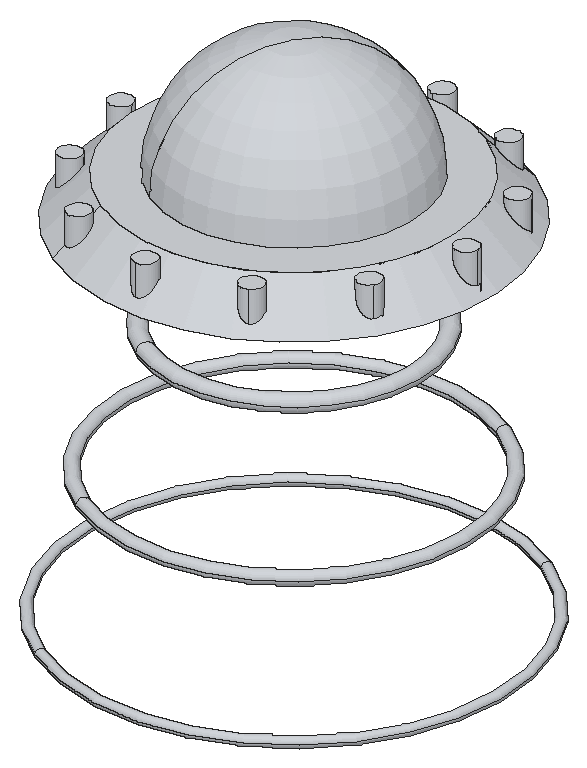
Revit family "UFO_main", category Generic Models, Revit 2020
Family settings
  Can host rebar = No
  Round Connector Dimension = Use Diameter
  Part Type = Normal
  Work Plane-Based = No
  Always vertical = Yes
  Cut with Voids When Loaded = No
  Shared = No
  Room Calculation Point = No
Parameters
  angle [instance] = 58.00°
  Default Elevation = 0 mm
Reference planes
  plane 1 "Center (Front/Back)": y = 0
  plane 2: z = 0
  plane 3 "Center (Left/Right)": x = 0
Lines and regions (mm)
  reference lines
    curve 1: line (0, 0, 0) -> (1006.847, 1611.291, 0)
Dimensions and locks
  "angle": angle plane 1 "Center (Front/Back)" to curve 1
  aligned and locked: plane 2 to level
  aligned and locked: plane 1 "Center (Front/Back)" to curve 1
  aligned and locked: plane 3 "Center (Left/Right)" to curve 1
  aligned and locked: nested 1 to curve 1  (x2)
Nested families
  nested 1: "UFO_unit" at (0, 0, 0) x (0.5299, 0.848, 0) z (0, 0, 1), type "UFO_unit"
Definition of nested family "UFO_unit"
  Parameters (values of type "UFO_unit")
    Default Elevation = 0 mm
  Reference planes
    plane 1 "Center (Front/Back)": y = 0
    plane 2: z = 0
    plane 3 "Center (Left/Right)": x = 0
  Forms (mm)
    Blend 1, solid
      base sketch origin (0, 0, 0) x (1, 0, 0) y (0, 1, 0)
        loop
          circle (0, 0) r 2500
      top sketch origin (0, 0, 0) x (1, 0, 0) y (0, 1, 0)
        loop
          circle (0, 0) r 2000
      from 0 to 500
    Revolve 2, solid
      sketch origin (0, 0, 0) x (1, 0, 0) y (0, 0, 1)
        loop
          arc (1500, 500) -> (1060.66, 1560.66) -> (0, 2000) r 1500
          line (0, 2000) -> (0, 500) -> (1500, 500)
        axis (0, 2000) -> (0, 500)
      angle from 0 to 360
    Extrusion 3, solid
      sketch origin (0, 0, 0) x (1, 0, 0) y (0, 1, 0)
        loop
          circle (2234.357, 0) r 140
      from 0 to 500
    Extrusion 4, solid
      sketch origin (0, 0, 0) x (0.866025, -0.5, 0) y (0.5, 0.866025, 0)
        loop
          circle (2234.357, 0) r 140
      from 0 to 500
    Extrusion 5, solid
      sketch origin (0, 0, 0) x (0.866025, 0.5, 0) y (-0.5, 0.866025, 0)
        loop
          circle (2234.357, 0) r 140
      from 0 to 500
    Extrusion 6, solid
      sketch origin (0, 0, 0) x (0.5, 0.866025, 0) y (-0.866025, 0.5, 0)
        loop
          circle (2234.357, 0) r 140
      from 0 to 500
    Extrusion 7, solid
      sketch origin (0, 0, 0) x (0, 1, 0) y (-1, 0, 0)
        loop
          circle (2234.357, 0) r 140
      from 0 to 500
    Extrusion 8, solid
      sketch origin (0, 0, 0) x (-0.5, 0.866025, 0) y (-0.866025, -0.5, 0)
        loop
          circle (2234.357, 0) r 140
      from 0 to 500
    Extrusion 9, solid
      sketch origin (0, 0, 0) x (-0.866025, 0.5, 0) y (-0.5, -0.866025, 0)
        loop
          circle (2234.357, 0) r 140
      from 0 to 500
    Extrusion 10, solid
      sketch origin (0, 0, 0) x (-1, 0, 0) y (0, -1, 0)
        loop
          circle (2234.357, 0) r 140
      from 0 to 500
    Extrusion 11, solid
      sketch origin (0, 0, 0) x (-0.866025, -0.5, 0) y (0.5, -0.866025, 0)
        loop
          circle (2234.357, 0) r 140
      from 0 to 500
    Extrusion 12, solid
      sketch origin (0, 0, 0) x (-0.5, -0.866025, 0) y (0.866025, -0.5, 0)
        loop
          circle (2234.357, 0) r 140
      from 0 to 500
    Extrusion 13, solid
      sketch origin (0, 0, 0) x (0, -1, 0) y (1, 0, 0)
        loop
          circle (2234.357, 0) r 140
      from 0 to 500
    Extrusion 14, solid
      sketch origin (0, 0, 0) x (0.5, -0.866025, 0) y (0.866025, 0.5, 0)
        loop
          circle (2234.357, 0) r 140
      from 0 to 500
    Sweep 15, solid
      path in 3D
        loop
          arc (-1000, 0, 0) -> (0, -1000, 0) -> (1000, 0, 0) r 1000
          arc (1000, 0, 0) -> (0, 1000, 0) -> (-1000, 0, 0) r 1000
      profile "profile : DD" origin (0, 1000, 0) x (0, -1, 0) y (0, 0, 1)
        loop
          circle (-1629.857, -4421.73) r 60
        loop
          circle (-1183.611, -2822.233) r 80
        loop
          circle (-537.701, -1215.914) r 100
  Lines and regions (mm)
    reference lines
      curve 1: circle (0, 0, 0) r 1000 normal (0, 0, 1)
    sketch lines
      curve 2: circle (0, 0, 0) r 1000 normal (0, 0, 1)
  Dimensions and locks
    aligned and locked: plane 2 to level
